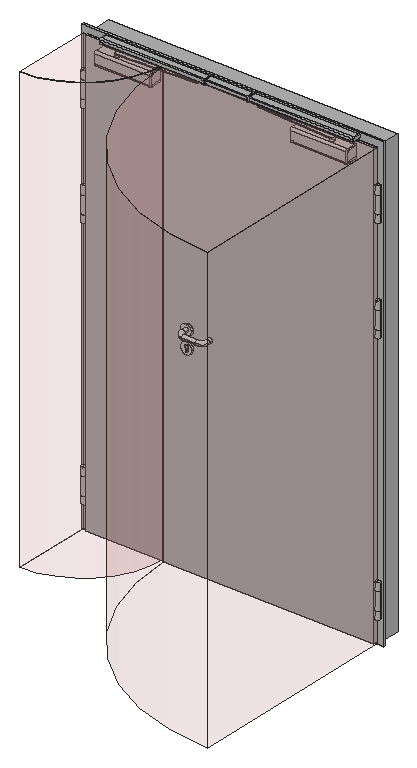
Revit family "ASSA ABLOY - ALPE Sp 120-2, double-leaf, angular frame", category Doors, host Wall, Revit 2021
Family settings
  Host = Wall
  OmniClass Number = 23.30.10.00
  OmniClass Title = Doors
  Always vertical = Yes
  Cut with Voids When Loaded = No
  Shared = No
  Room Calculation Point = No
Parameters (values of type "1250 x 2100 (1255 x 2101)")
  URL = "https://www.assaabloy.com/pl/pl"
  Type Comments = "Door leaf made of two pressed galvanised steel sheets 1,25mm thick. Filled with mineral wool glued to the sheets with polyurethane adhesive. Door with 3-sided thick rebate. "
  Rough Width Real = Width Round + Rough Width Conversion + Rough Width Adjustment  # 1398.000 mm
  Rough Height Real = Height Round + Rough Height Conversion + Rough Height Adjustment  # 2159.000 mm
  Rough Width Conversion = 148.000 mm  # constant formula
  Rough Width Adjustment = 0.000 mm  # constant formula
  Rough Height Conversion = 59.000 mm  # constant formula
  Rough Height Adjustment = 0.000 mm  # constant formula
  Passive Symbol Radius [instance] = Passive Leaf Width + 13.500 mm  # 387.500 mm
  Passive Leaf Width [instance] = Rough Width Real - Middle Post - 4.000 mm  # 374.000 mm
  Opening Zone [instance] = yes
  Model = "Doorset_Steel fireproof door EI120_ASSA ABLOY Opening Solutions_Hardware 3D"
  Middle Post [instance] = Active Leaf Clear Passage Width + 120.000 mm  # 1020.000 mm
  Hinges Visibility = Height > 1200.000 mm  # yes
  Hinges Material = Default steel
  Handle Height = if(Height < 1300.000 mm, Height - 280.000 mm, 1055.000 mm)  # 1055.000 mm
  HW Item 9 = "1x 206253: Vercy door stopper, max 120 kg_ASSA ABLOY (option) "
  HW Item 8 = "1x Rosette set PZPZ_Standard ASSA ABLOY"
  HW Item 10 = "1x Planet FT: drop-down seal_Planet (option)"
  Guide Rail Length = Rough Width - 1184.000 mm  # 216.000 mm
  Frame Finish [instance] = ""
  Fire Rating = "EI120"  # constant formula
  Width Round = roundup((Width / 5.000 mm)) * 5.000 mm  # 1250.000 mm
  Thickness = 76.000 mm  # constant formula
  Smoke Rating = "Sa, S200 (optional)"
  Rough Width = Width Round + 2.000 mm + Rough Width Conversion + Rough Width Adjustment  # 1400.000 mm
  Rough Height = Height Round + 1.000 mm + Rough Height Conversion + Rough Height Adjustment  # 2160.000 mm
  Readme = "The actual lintel height is consistent with the Rough Height parameter.\nThe final HW Set should be consistent with the function of the door and its  parameters.\nHardware mounted on door surface may affect the clear passage opening. For verification, please contact the specification department.\nFor the corner door frame installed in a steel structure and plasterboard walls, add 3 cm per each leaf to the width of the Rough Width opening.\r\nIn double leaf doors in case of distance less than 1350mm and more than 2500mm between hinges, door closer type and coordinator should be confirmed with the Provider."
  Provider = "ASSA ABLOY Opening Solutions"
  Product Group = "Double-Steel"
  Name = "Steel fireproof door EI120"
  Min Door Width = 1170.000 mm
  Min Door Height = 600.000 mm
  Mechanical Strength = 4
  Max Door Width = 2370.000 mm
  Max Door Height = 2500.000 mm
  Manufacturer = "ASSA ABLOY"  # constant formula
  IfcExportType = "USERDEFINED"
  IfcExportAs = "IfcDoorType"
  Height Round = roundup((Height / 5.000 mm)) * 5.000 mm  # 2100.000 mm
  Hardware Set = "1.12PL"
  HW Item 7 = "1x Handle set_Standard ASSA ABLOY"
  HW Item 6 = "1x Euro profile cylinder_Standard ASSA ABLOY"
  HW Item 5 = "1x N4572: central semi-automatic flush bolt _Corni (passive leaf )"
  HW Item 4 = "1x N1050: One System mechanical mortice lockcase for fire doors_ASSA ABLOY"
  HW Item 3 = "2x A153: mechanical opening damper_ASSA ABLOY (option)"
  HW Item 2 = "1x G461: guide rail with integrated coordinator_ASSA ABLOY"
  HW Item 1 = "2x DC700/ DC500: door closer, Cam-Motion®_ASSA ABLOY"
  Function = Interior
  Height = 2100.000 mm
  Wall Closure = By host
  Width = 1250.000 mm
  Frame Type = "Welded steel corner frame, made of galvanised sheet 1,8mm thick."
  Frame Material = Default steel
  Family name = "1.12_DOORSET_ALPE Sp 120-2_DOUBLE-LEAF_CORNER FRAME_ASSA ABLOY PL"
  Environmental Product Declaration (EPD) = "To be confirmed with Provider"  # constant formula
  Environmental Management System = "To be confirmed with Provider"  # constant formula
  Edition number = "1"
  Door Closer and Coordinator Visibility [instance] = and(Passive Leaf Width > 377.000 mm - 16.500 mm, and(Rough Width + 23.000 mm > 1349.000 mm, Rough Width + 23.000 mm < 3201.000 mm))  # yes
  Door Type = "ALPE Sp 120-2"
  Door Material = Default steel
  Door Finish Push Side [instance] = ""
  Door Finish Pull Side [instance] = ""
  Description = "ALPE Sp 120-2, door leaf made of two pressed galvanised steel sheets 1,25mm thick. Filled with mineral wool glued to the sheets with polyurethane adhesive. Door with 3-sided thick rebate. Stainless steel hinges with 3D regulation. Mechanical durability – class C5 according to PN-EN 16034:2014. Mechanical strength – class 4 according to PN-EN 1192:2001. Welded steel corner frame, made of galvanised sheet 1,8mm thick."
  Date of publishing = ""
  Contact Provider = "https://www.assaabloy.com/pl/pl/solutions/topics/bim-specification/contact"
  Brand = "ASSA ABLOY Mercor Doors Sp. z o. o."  # constant formula
  Author = "www.archispace.pl"
  Active Symbol Radius [instance] = Active Leaf Width + 13.500 mm  # 1029.500 mm
  Active Leaf Width [instance] = Middle Post - 4.000 mm  # 1016.000 mm
  Active Leaf Clear Passage Width = 900.000 mm
Reference planes
  plane 1: y = 0
  plane 2 "Center (Left/Right)": x = 0
  plane 3: z = 2159
  plane 4 "Exterior": y = 120
  plane 5 "Interior": y = -120
  plane 6: x = -699
  plane 7: x = 699
  plane 8: z = 2100
  plane 9: y = -129
  plane 10: x = -321
  plane 11: y = -68
  plane 12: y = -57
  plane 13: y = -2
  plane 14: y = -5.5
  plane 15: z = 2142
  plane 16: x = 682
  plane 17: x = -682
  plane 18: x = 640
  plane 19: x = -640
  plane 20: x = -340
  plane 21: x = -302
  plane 22: y = -138.75
  plane 23: x = -711.5
  plane 24: x = 711.5
  plane 25: z = 8
  plane 26: x = -700
  plane 27: x = 700
  plane 28: z = 2160
  plane 29: z = 2158
  plane 30: z = 120
  plane 31: z = 157
  plane 32: z = 157.8
  plane 33: z = 242.2
  plane 34: z = 243
  plane 35: z = 280
  plane 36: z = 1340
  plane 37: z = 1377
  plane 38: z = 1377.8
  plane 39: z = 1462.2
  plane 40: z = 1463
  plane 41: z = 1500
  plane 42: z = 1840
  plane 43: z = 1877
  plane 44: z = 1877.8
  plane 45: z = 1962.2
  plane 46: z = 1963
  plane 47: z = 2000
  plane 48: x = -205
  plane 49: x = -108
  plane 50: x = 108
  plane 51: z = 1055
Forms (mm)
  Sweep 1, solid, material "Default steel" <- "Frame Material"
    path origin (0, -120, 0) x (1, 0, 0) y (0, 0, 1)
      loop
        line (-699, 0) -> (-699, 2159) -> (699, 2159) -> (699, 0)
    profile origin (-699, -120, 1079.5) x (-1, 0, 0) y (0, -1, 0)
      loop
        line (30, 0) -> (30, 9) -> (-12, 9) -> (-12, -63) -> (-27, -63) -> (-27, -52) -> (-59, -52) -> (-59, -118) -> (-14, -118) -> (-14, -114.5) -> (0, -114.5) -> (0, 0) -> (30, 0)
  Sweep 2, solid, material "Default steel" <- "Door Material"
    path origin (-5000, -120, 0) x (1, 0, 0) y (0, 0, 1)
      loop
        line (4318, 8) -> (4318, 2142) -> (4660, 2142) -> (4660, 8)
    profile origin (-511, -120, 2142) x (0, 0, 1) y (0, -1, 0)
      loop
        line (0, 26) -> (0, 11) -> (16, 11) -> (16, 26) -> (0, 26)
  Sweep 3, solid, material "Default steel" <- "Door Material"
    path origin (0, -120, 0) x (1, 0, 0) y (0, 0, 1)
      loop
        line (0, 8) -> (0, 2142)
    profile origin (0, -120, 1075) x (-1, 0, 0) y (0, -1, 0)
      loop
        line (682, -50) -> (682, 26) -> (340, 26) -> (340, -50) -> (682, -50)
  Sweep 4, solid, material "Opening zone", visible <- "Opening Zone"
    path origin (-5600, 0, 0) x (-1, 0, 0) y (0, 0, 1)
      loop
        line (-5600, 8) -> (-5600, 2158)
    profile origin (0, 0, 1083) x (1, 0, 0) y (0, 1, 0)
      loop
        line (-711.5, -138.75) -> (-711.5, -526.25)
        arc (-711.5, -526.25) -> (-437.496, -412.754) -> (-324, -138.75) r 387.5
        line (-324, -138.75) -> (-711.5, -138.75)
  Sweep 5, solid, material "Default steel" <- "Frame Material"
    path origin (0, -120, 0) x (1, 0, 0) y (0, 0, 1)
      loop
        line (-321, 8) -> (-321, 2100)
    profile origin (-321, -120, 1054) x (-1, 0, 0) y (0, -1, 0)
      loop
        line (19, 10) -> (6, 10) -> (-2, 7) -> (-12, 7) -> (-12, -53.75) -> (-23, -53.75) -> (-38.5, -51.5) -> (-41.5, -51.5) -> (-41.5, -63) -> (-56.5, -63) -> (-56.5, -52.5) -> (-61, -52.5) -> (-61, -82.5) -> (87, -82.5) -> (87, -50) -> (19, -50) -> (19, 10)
  Sweep 6, solid, material "Default steel" <- "Door Material"
    path origin (-4260, -120, 0) x (1, 0, 0) y (0, 0, 1)
      loop
        line (3958, 8) -> (3958, 2142) -> (4942, 2142) -> (4942, 8)
    profile origin (190, -120, 2142) x (0, 0, 1) y (0, -1, 0)
      loop
        line (0, 26) -> (0, 11) -> (16, 11) -> (16, 26) -> (0, 26)
  Sweep 7, solid, material "Default steel" <- "Door Material"
    path origin (740, -120, 0) x (1, 0, 0) y (0, 0, 1)
      loop
        line (-1061, 8) -> (-1061, 2142)
    profile origin (-321, -120, 1075) x (-1, 0, 0) y (0, -1, 0)
      loop
        line (-1003, -50) -> (-19, -50) -> (-19, 26) -> (-1003, 26) -> (-1003, -50)
  Sweep 8, solid, material "Opening zone", visible <- "Opening Zone"
    path origin (5600, 0, 0) x (1, 0, 0) y (0, 0, -1)
      loop
        line (-5600, -8) -> (-5600, -2158)
    profile origin (0, 0, 1083) x (1, 0, 0) y (0, 1, 0)
      loop
        line (711.5, -138.75) -> (-318, -138.75)
        arc (-318, -138.75) -> (-16.466, -866.716) -> (711.5, -1168.25) r 1029.5
        line (711.5, -1168.25) -> (711.5, -138.75)
  Sweep 9, solid, material "Default steel" <- "Hinges Material", detail levels fine
    path origin (-1272.5, -138.75, 1200) x (-1, 0, 0) y (0, 0, 1)
      loop
        line (-1984, -1043) -> (-1984, -1080)
    profile origin (711.5, -138.75, 138.5) x (0, 1, 0) y (-1, 0, 0)
      loop
        circle (0, 0) r 11
  Sweep 10, solid, material "Default steel" <- "Hinges Material", detail levels fine
    path origin (-1272.5, -138.75, 1200) x (-1, 0, 0) y (0, 0, 1)
      loop
        line (-1984, -920) -> (-1984, -957)
    profile origin (711.5, -138.75, 261.5) x (0, 1, 0) y (-1, 0, 0)
      loop
        circle (0, 0) r 11
  Sweep 11, solid, material "Default steel" <- "Hinges Material", detail levels fine
    path origin (-1272.5, -138.75, 1200) x (-1, 0, 0) y (0, 0, 1)
      loop
        line (-1984, -957.8) -> (-1984, -1042.2)
    profile origin (711.5, -138.75, 200) x (0, 1, 0) y (-1, 0, 0)
      loop
        circle (0, 0) r 11
  Sweep 12, solid, material "Default steel" <- "Hinges Material", detail levels fine
    path origin (-1272.5, -138.75, 1200) x (-1, 0, 0) y (0, 0, 1)
      loop
        line (-1984, -1042.2) -> (-1984, -1043)
    profile origin (711.5, -138.75, 157.4) x (0, 1, 0) y (-1, 0, 0)
      loop
        circle (0, 0) r 10.5
  Sweep 13, solid, material "Default steel" <- "Hinges Material", detail levels fine
    path origin (-1272.5, -138.75, 1200) x (-1, 0, 0) y (0, 0, 1)
      loop
        line (-1984, -957) -> (-1984, -957.8)
    profile origin (711.5, -138.75, 242.6) x (0, 1, 0) y (-1, 0, 0)
      loop
        circle (0, 0) r 10.5
  Sweep 14, solid, material "Default steel" <- "Hinges Material", visible <- "Hinges Visibility", detail levels fine
    path origin (-1272.5, -138.75, 1200) x (-1, 0, 0) y (0, 0, 1)
      loop
        line (-1984, 177) -> (-1984, 140)
    profile origin (711.5, -138.75, 1358.5) x (0, 1, 0) y (-1, 0, 0)
      loop
        circle (0, 0) r 11
  Sweep 15, solid, material "Default steel" <- "Hinges Material", visible <- "Hinges Visibility", detail levels fine
    path origin (-1272.5, -138.75, 1200) x (-1, 0, 0) y (0, 0, 1)
      loop
        line (-1984, 300) -> (-1984, 263)
    profile origin (711.5, -138.75, 1481.5) x (0, 1, 0) y (-1, 0, 0)
      loop
        circle (0, 0) r 11
  Sweep 16, solid, material "Default steel" <- "Hinges Material", visible <- "Hinges Visibility", detail levels fine
    path origin (-1272.5, -138.75, 1200) x (-1, 0, 0) y (0, 0, 1)
      loop
        line (-1984, 262.2) -> (-1984, 177.8)
    profile origin (711.5, -138.75, 1420) x (0, 1, 0) y (-1, 0, 0)
      loop
        circle (0, 0) r 11
  Sweep 17, solid, material "Default steel" <- "Hinges Material", visible <- "Hinges Visibility", detail levels fine
    path origin (-1272.5, -138.75, 1200) x (-1, 0, 0) y (0, 0, 1)
      loop
        line (-1984, 177.8) -> (-1984, 177)
    profile origin (711.5, -138.75, 1377.4) x (0, 1, 0) y (-1, 0, 0)
      loop
        circle (0, 0) r 10.5
  Sweep 18, solid, material "Default steel" <- "Hinges Material", visible <- "Hinges Visibility", detail levels fine
    path origin (-1272.5, -138.75, 1200) x (-1, 0, 0) y (0, 0, 1)
      loop
        line (-1984, 263) -> (-1984, 262.2)
    profile origin (711.5, -138.75, 1462.6) x (0, 1, 0) y (-1, 0, 0)
      loop
        circle (0, 0) r 10.5
  Sweep 19, solid, material "Default steel" <- "Hinges Material", detail levels fine
    path origin (-1272.5, -138.75, 1200) x (-1, 0, 0) y (0, 0, 1)
      loop
        line (-1984, 677) -> (-1984, 640)
    profile origin (711.5, -138.75, 1858.5) x (0, 1, 0) y (-1, 0, 0)
      loop
        circle (0, 0) r 11
  Sweep 20, solid, material "Default steel" <- "Hinges Material", detail levels fine
    path origin (-1272.5, -138.75, 1200) x (-1, 0, 0) y (0, 0, 1)
      loop
        line (-1984, 800) -> (-1984, 763)
    profile origin (711.5, -138.75, 1981.5) x (0, 1, 0) y (-1, 0, 0)
      loop
        circle (0, 0) r 11
  Sweep 21, solid, material "Default steel" <- "Hinges Material", detail levels fine
    path origin (-1272.5, -138.75, 1200) x (-1, 0, 0) y (0, 0, 1)
      loop
        line (-1984, 762.2) -> (-1984, 677.8)
    profile origin (711.5, -138.75, 1920) x (0, 1, 0) y (-1, 0, 0)
      loop
        circle (0, 0) r 11
  Sweep 22, solid, material "Default steel" <- "Hinges Material", detail levels fine
    path origin (-1272.5, -138.75, 1200) x (-1, 0, 0) y (0, 0, 1)
      loop
        line (-1984, 677.8) -> (-1984, 677)
    profile origin (711.5, -138.75, 1877.4) x (0, 1, 0) y (-1, 0, 0)
      loop
        circle (0, 0) r 10.5
  Sweep 23, solid, material "Default steel" <- "Hinges Material", detail levels fine
    path origin (-1272.5, -138.75, 1200) x (-1, 0, 0) y (0, 0, 1)
      loop
        line (-1984, 763) -> (-1984, 762.2)
    profile origin (711.5, -138.75, 1962.6) x (0, 1, 0) y (-1, 0, 0)
      loop
        circle (0, 0) r 10.5
  Sweep 24, solid, material "Default steel" <- "Hinges Material", detail levels fine
    path origin (-1272.5, -138.75, 1200) x (-1, 0, 0) y (0, 0, 1)
      loop
        line (-561, -1043) -> (-561, -1080)
    profile origin (-711.5, -138.75, 138.5) x (0, 1, 0) y (-1, 0, 0)
      loop
        circle (0, 0) r 11
  Sweep 25, solid, material "Default steel" <- "Hinges Material", detail levels fine
    path origin (-1272.5, -138.75, 1200) x (-1, 0, 0) y (0, 0, 1)
      loop
        line (-561, -920) -> (-561, -957)
    profile origin (-711.5, -138.75, 261.5) x (0, 1, 0) y (-1, 0, 0)
      loop
        circle (0, 0) r 11
  Sweep 26, solid, material "Default steel" <- "Hinges Material", detail levels fine
    path origin (-1272.5, -138.75, 1200) x (-1, 0, 0) y (0, 0, 1)
      loop
        line (-561, -957.8) -> (-561, -1042.2)
    profile origin (-711.5, -138.75, 200) x (0, 1, 0) y (-1, 0, 0)
      loop
        circle (0, 0) r 11
  Sweep 27, solid, material "Default steel" <- "Hinges Material", detail levels fine
    path origin (-1272.5, -138.75, 1200) x (-1, 0, 0) y (0, 0, 1)
      loop
        line (-561, -1042.2) -> (-561, -1043)
    profile origin (-711.5, -138.75, 157.4) x (0, 1, 0) y (-1, 0, 0)
      loop
        circle (0, 0) r 10.5
  Sweep 28, solid, material "Default steel" <- "Hinges Material", detail levels fine
    path origin (-1272.5, -138.75, 1200) x (-1, 0, 0) y (0, 0, 1)
      loop
        line (-561, -957) -> (-561, -957.8)
    profile origin (-711.5, -138.75, 242.6) x (0, 1, 0) y (-1, 0, 0)
      loop
        circle (0, 0) r 10.5
  Sweep 29, solid, material "Default steel" <- "Hinges Material", visible <- "Hinges Visibility", detail levels fine
    path origin (-1272.5, -138.75, 1200) x (-1, 0, 0) y (0, 0, 1)
      loop
        line (-561, 177) -> (-561, 140)
    profile origin (-711.5, -138.75, 1358.5) x (0, 1, 0) y (-1, 0, 0)
      loop
        circle (0, 0) r 11
  Sweep 30, solid, material "Default steel" <- "Hinges Material", visible <- "Hinges Visibility", detail levels fine
    path origin (-1272.5, -138.75, 1200) x (-1, 0, 0) y (0, 0, 1)
      loop
        line (-561, 300) -> (-561, 263)
    profile origin (-711.5, -138.75, 1481.5) x (0, 1, 0) y (-1, 0, 0)
      loop
        circle (0, 0) r 11
  Sweep 31, solid, material "Default steel" <- "Hinges Material", visible <- "Hinges Visibility", detail levels fine
    path origin (-1272.5, -138.75, 1200) x (-1, 0, 0) y (0, 0, 1)
      loop
        line (-561, 262.2) -> (-561, 177.8)
    profile origin (-711.5, -138.75, 1420) x (0, 1, 0) y (-1, 0, 0)
      loop
        circle (0, 0) r 11
  Sweep 32, solid, material "Default steel" <- "Hinges Material", visible <- "Hinges Visibility", detail levels fine
    path origin (-1272.5, -138.75, 1200) x (-1, 0, 0) y (0, 0, 1)
      loop
        line (-561, 177.8) -> (-561, 177)
    profile origin (-711.5, -138.75, 1377.4) x (0, 1, 0) y (-1, 0, 0)
      loop
        circle (0, 0) r 10.5
  Sweep 33, solid, material "Default steel" <- "Hinges Material", visible <- "Hinges Visibility", detail levels fine
    path origin (-1272.5, -138.75, 1200) x (-1, 0, 0) y (0, 0, 1)
      loop
        line (-561, 263) -> (-561, 262.2)
    profile origin (-711.5, -138.75, 1462.6) x (0, 1, 0) y (-1, 0, 0)
      loop
        circle (0, 0) r 10.5
  Sweep 34, solid, material "Default steel" <- "Hinges Material", detail levels fine
    path origin (-1272.5, -138.75, 1200) x (-1, 0, 0) y (0, 0, 1)
      loop
        line (-561, 677) -> (-561, 640)
    profile origin (-711.5, -138.75, 1858.5) x (0, 1, 0) y (-1, 0, 0)
      loop
        circle (0, 0) r 11
  Sweep 35, solid, material "Default steel" <- "Hinges Material", detail levels fine
    path origin (-1272.5, -138.75, 1200) x (-1, 0, 0) y (0, 0, 1)
      loop
        line (-561, 800) -> (-561, 763)
    profile origin (-711.5, -138.75, 1981.5) x (0, 1, 0) y (-1, 0, 0)
      loop
        circle (0, 0) r 11
  Sweep 36, solid, material "Default steel" <- "Hinges Material", detail levels fine
    path origin (-1272.5, -138.75, 1200) x (-1, 0, 0) y (0, 0, 1)
      loop
        line (-561, 762.2) -> (-561, 677.8)
    profile origin (-711.5, -138.75, 1920) x (0, 1, 0) y (-1, 0, 0)
      loop
        circle (0, 0) r 11
  Sweep 37, solid, material "Default steel" <- "Hinges Material", detail levels fine
    path origin (-1272.5, -138.75, 1200) x (-1, 0, 0) y (0, 0, 1)
      loop
        line (-561, 677.8) -> (-561, 677)
    profile origin (-711.5, -138.75, 1877.4) x (0, 1, 0) y (-1, 0, 0)
      loop
        circle (0, 0) r 10.5
  Sweep 38, solid, material "Default steel" <- "Hinges Material", detail levels fine
    path origin (-1272.5, -138.75, 1200) x (-1, 0, 0) y (0, 0, 1)
      loop
        line (-561, 763) -> (-561, 762.2)
    profile origin (-711.5, -138.75, 1962.6) x (0, 1, 0) y (-1, 0, 0)
      loop
        circle (0, 0) r 10.5
Cuts and joins
  joined: Sweep 2, Sweep 3
  joined: Sweep 1, Sweep 5
  joined: Sweep 6, Sweep 7
Lines and regions (mm)
  Masking region 1, detail levels fine
    outline origin (-1132.682, -300, 2037) x (-1, 0, 0) y (0, -1, 0)
      loop
        line (-492.682, -232) -> (-492.682, -298) -> (-447.682, -298) -> (-447.682, -294.5) -> (-433.682, -294.5) -> (-433.682, -180) -> (-403.682, -180) -> (-403.682, -171) -> (-445.682, -171) -> (-445.682, -243) -> (-460.682, -243) -> (-460.682, -232) -> (-492.682, -232)
      loop
        line (-1772.682, -232) -> (-1804.682, -232) -> (-1804.682, -243) -> (-1819.682, -243) -> (-1819.682, -171) -> (-1861.682, -171) -> (-1861.682, -180) -> (-1831.682, -180) -> (-1831.682, -294.5) -> (-1817.682, -294.5) -> (-1817.682, -298) -> (-1772.682, -298) -> (-1772.682, -232)
  Masking region 2, detail levels medium
    outline origin (-1132.682, -300, 2037) x (-1, 0, 0) y (0, -1, 0)
      loop
        line (-492.682, -171) -> (-492.682, -298) -> (-433.682, -298) -> (-433.682, -180) -> (-403.682, -180) -> (-403.682, -171) -> (-492.682, -171)
      loop
        line (-1772.682, -171) -> (-1861.682, -171) -> (-1861.682, -180) -> (-1831.682, -180) -> (-1831.682, -298) -> (-1772.682, -298) -> (-1772.682, -171)
  Masking region 3, detail levels fine
    outline origin (-1132.682, -300, 2037) x (-1, 0, 0) y (0, -1, 0)
      loop
        circle (-421.182, -161.25) r 11
      loop
        circle (-1844.182, -161.25) r 11
  Opening 1
    outline origin (-5000, -120, 0) x (1, 0, 0) y (0, 0, 1)
      loop
        line (4300, 2160) -> (4300, 0) -> (5700, 0) -> (5700, 2160) -> (4300, 2160)
  symbolic lines, style "Elevation Swing"
    curve 1: line (-324, -120, 1079.5) -> (-640, -120, 2100)
    curve 2: line (-324, -120, 1079.5) -> (-640, -120, 8)
    curve 3: line (-318, -120, 1079.5) -> (640, -120, 2100)
    curve 4: line (-318, -120, 1079.5) -> (640, -120, 8)
Text (mm)
  text "Exterior" at (-1376.75, 1099.543, 0), in view "Ref. Level"
  text "Exterior" at (0, 1615.38, 3698.081), in view "Left"
  text "Exterior" at (0, 1036.032, 3874.932), in view "Right"
Dimensions and locks
  "Rough Height Real": plane 3 to host wall
  equal spacing: host wall, curve 2, plane 3
  host wall to plane 3 = 2159.000 mm
  locked: plane 4 "Exterior" to host wall
  locked: plane 5 "Interior" to host wall
  equal spacing: plane 6, plane 2 "Center (Left/Right)", plane 7
  "Rough Width Real": plane 6 to plane 7
  "Height": plane 8 to level
  locked: Masking region 1 sketch curve to plane 6 at 30
  locked: plane 6 to Masking region 1 sketch curve at 12
  locked: plane 6 to Masking region 1 sketch curve at 59
  locked: plane 9 to plane 5 "Interior" at 9
  locked: plane 5 "Interior" to plane 11 at 52
  locked: plane 11 to plane 12 at 11
  locked: plane 12 to plane 14 at 51.5
  locked: plane 13 to plane 14 at 3.5
  locked: plane 6 to Masking region 1 sketch curve at 14
  locked: plane 6 to Masking region 1 sketch curve at 27
  locked: Masking region 2 sketch curve to plane 6 at 30
  locked: plane 6 to Masking region 2 sketch curve at 59
  locked: plane 7 to Masking region 2 sketch curve at 30
  locked: Masking region 2 sketch curve to plane 7 at 59
  locked: plane 7 to Masking region 1 sketch curve at 30
  locked: Masking region 1 sketch curve to plane 7 at 12
  locked: Masking region 1 sketch curve to plane 7 at 27
  locked: Masking region 1 sketch curve to plane 7 at 59
  locked: Masking region 1 sketch curve to plane 7 at 14
  locked: plane 6 to plane 17 at 17
  locked: plane 16 to plane 7 at 17
  locked: plane 3 to plane 15 at 17
  locked: plane 18 to plane 7 at 59
  locked: plane 6 to plane 19 at 59
  locked: plane 20 to plane 10 at 19
  locked: plane 10 to plane 21 at 19
  "Middle Post": plane 10 to plane 7
  locked: Masking region 3 sketch curve to plane 6 at 12.5
  locked: Masking region 3 sketch curve to plane 5 "Interior" at 18.75  (x2)
  locked: plane 7 to Masking region 3 sketch curve at 12.5
  locked: plane 22 to plane 5 "Interior" at 18.75
  locked: plane 7 to plane 24 at 12.5
  locked: plane 23 to plane 6 at 12.5
  equal spacing: plane 3, curve 4, level
  locked: plane 25 to level at 8
  equal spacing: plane 26, plane 2 "Center (Left/Right)", plane 27
  "Rough Width": plane 26 to plane 27
  "Rough Height": plane 28 to level
  locked: plane 3 to plane 29 at 1
  locked: plane 23 to nested 4 at 371.5
  locked: nested 5 to plane 24 at 371.5
  locked: plane 21 to plane 48 at 97
  plane 28 to plane 47 to plane 46 to plane 45 to plane 44 to plane 43 to plane 42 to plane 41 to plane 40 to plane 39 to plane 38 to plane 37 to plane 36 = 160.000 mm locked, 37.000 mm locked, 0.800 mm locked, 84.400 mm locked, 0.800 mm locked, 37.000 mm locked, 340.000 mm locked, 37.000 mm locked, 0.800 mm locked, 84.400 mm locked, 0.800 mm locked, 37.000 mm locked
  locked: plane 22 to nested 2 at 7.25
  locked: nested 4 to cut or joined group of Sweep 1, Sweep 5 at 12
  locked: nested 5 to cut or joined group of Sweep 1, Sweep 5 at 12
  locked: plane 26 to plane 49 at 592
  locked: nested 6 to plane 28 at 22
  "Handle Height": plane 51 to level
  locked: plane 51 to nested 3 at 80
  locked: nested 5 to plane 29 at 24
  locked: nested 4 to plane 15 at 40
  locked: plane 50 to plane 27 at 592
  cut or joined group of Sweep 2, Sweep 3 to cut or joined group of Sweep 2, Sweep 3 = 374.000 mm
  "Passive Symbol Radius": radius of Sweep 4 sketch curve
  "Active Symbol Radius": radius of Sweep 8 sketch curve
  aligned and locked: plane 1 to host wall
  aligned and locked: level to Sweep 1 sketch curve  (x2)
  aligned and locked: Sweep 1 sketch curve to plane 6
  aligned and locked: plane 7 to Sweep 1 sketch curve
  aligned and locked: plane 2 "Center (Left/Right)" to Sweep 3 sketch curve
  aligned and locked: nested 1 to plane 2 "Center (Left/Right)"
  aligned and locked: plane 5 "Interior" to Masking region 1 sketch curve
  aligned and locked: Masking region 1 sketch curve to plane 6
  aligned and locked: plane 9 to Masking region 1 sketch curve
  aligned and locked: Masking region 1 sketch curve to plane 11
  aligned and locked: Masking region 1 sketch curve to plane 12
  aligned and locked: plane 14 to Masking region 1 sketch curve
  aligned and locked: Masking region 1 sketch curve to plane 13
  aligned and locked: plane 9 to Masking region 2 sketch curve
  aligned and locked: Masking region 2 sketch curve to plane 13
  aligned and locked: Masking region 2 sketch curve to plane 9
  aligned and locked: plane 13 to Masking region 2 sketch curve
  aligned and locked: Masking region 2 sketch curve to plane 7
  aligned and locked: Masking region 1 sketch curve to plane 9
  aligned and locked: Masking region 1 sketch curve to plane 5 "Interior"
  aligned and locked: plane 11 to Masking region 1 sketch curve
  aligned and locked: plane 12 to Masking region 1 sketch curve
  aligned and locked: plane 13 to Masking region 1 sketch curve
  aligned and locked: Masking region 1 sketch curve to plane 14
  aligned and locked: plane 3 to Sweep 1 sketch curve
  aligned and locked: Sweep 2 sketch curve to plane 17
  aligned and locked: Sweep 2 sketch curve to plane 15
  aligned and locked: plane 15 to Sweep 3 sketch curve
  aligned and locked: Sweep 3 sketch curve to plane 17
  aligned and locked: Sweep 5 sketch curve to plane 10
  aligned and locked: plane 20 to Sweep 3 sketch curve
  aligned and locked: plane 20 to Sweep 2 sketch curve
  aligned and locked: Sweep 7 sketch curve to plane 10
  aligned and locked: plane 15 to Sweep 7 sketch curve
  aligned and locked: Sweep 7 sketch curve to plane 21
  aligned and locked: plane 16 to Sweep 7 sketch curve
  aligned and locked: Sweep 6 sketch curve to plane 15
  aligned and locked: Sweep 6 sketch curve to plane 16
  aligned and locked: plane 21 to Sweep 6 sketch curve
  aligned and locked: plane 5 "Interior" to nested 1
  aligned and locked: Sweep 4 sketch curve to plane 22
  aligned and locked: plane 23 to Sweep 4 sketch curve
  aligned and locked: plane 2 "Center (Left/Right)" to Sweep 8 sketch curve
  aligned and locked: plane 22 to Sweep 8 sketch curve
  aligned and locked: Sweep 8 sketch curve to plane 24
  aligned and locked: plane 25 to Sweep 5 sketch curve
  aligned and locked: level to Opening 1 sketch curve
  aligned and locked: Opening 1 sketch curve to plane 26
  aligned and locked: Opening 1 sketch curve to plane 27
  aligned and locked: plane 8 to Sweep 5 sketch curve
  aligned and locked: Opening 1 sketch curve to plane 28
  aligned and locked: plane 25 to Sweep 2 sketch curve  (x2)
  aligned and locked: plane 25 to Sweep 3 sketch curve
  aligned and locked: plane 25 to Sweep 6 sketch curve  (x2)
  aligned and locked: plane 25 to Sweep 7 sketch curve
  aligned and locked: plane 29 to Sweep 8 sketch curve
  aligned and locked: plane 25 to Sweep 8 sketch curve
  aligned and locked: plane 29 to Sweep 4 sketch curve
  aligned and locked: plane 25 to Sweep 4 sketch curve
  aligned and locked: plane 2 "Center (Left/Right)" to Sweep 4 sketch curve
  aligned and locked: plane 8 to curve 1
  aligned and locked: plane 19 to curve 1
  aligned and locked: plane 18 to curve 3
  aligned and locked: plane 8 to curve 3
  aligned and locked: plane 19 to curve 2
  aligned and locked: plane 25 to curve 2
  aligned and locked: plane 18 to curve 4
  aligned and locked: plane 25 to curve 4
  aligned and locked: plane 30 to Sweep 9 sketch curve
  aligned and locked: plane 31 to Sweep 9 sketch curve
  aligned and locked: plane 32 to Sweep 12 sketch curve
  aligned and locked: plane 31 to Sweep 12 sketch curve
  aligned and locked: plane 32 to Sweep 11 sketch curve
  aligned and locked: plane 33 to Sweep 11 sketch curve
  aligned and locked: plane 33 to Sweep 13 sketch curve
  aligned and locked: plane 34 to Sweep 13 sketch curve
  aligned and locked: plane 34 to Sweep 10 sketch curve
  aligned and locked: plane 35 to Sweep 10 sketch curve
  aligned and locked: plane 36 to Sweep 14 sketch curve
  aligned and locked: plane 37 to Sweep 14 sketch curve
  aligned and locked: plane 38 to Sweep 17 sketch curve
  aligned and locked: plane 37 to Sweep 17 sketch curve
  aligned and locked: plane 38 to Sweep 16 sketch curve
  aligned and locked: plane 39 to Sweep 16 sketch curve
  aligned and locked: plane 39 to Sweep 18 sketch curve
  aligned and locked: plane 40 to Sweep 18 sketch curve
  aligned and locked: plane 40 to Sweep 15 sketch curve
  aligned and locked: plane 41 to Sweep 15 sketch curve
  aligned and locked: plane 42 to Sweep 19 sketch curve
  aligned and locked: plane 43 to Sweep 19 sketch curve
  aligned and locked: plane 44 to Sweep 22 sketch curve
  aligned and locked: plane 43 to Sweep 22 sketch curve
  aligned and locked: plane 44 to Sweep 21 sketch curve
  aligned and locked: plane 45 to Sweep 21 sketch curve
  aligned and locked: plane 45 to Sweep 23 sketch curve
  aligned and locked: plane 46 to Sweep 23 sketch curve
  aligned and locked: plane 46 to Sweep 20 sketch curve
  aligned and locked: plane 47 to Sweep 20 sketch curve
  aligned and locked: plane 48 to nested 2
  aligned and locked: plane 48 to nested 3
  aligned and locked: nested 3 to cut or joined group of Sweep 6, Sweep 7  (x2)
  aligned and locked: nested 2 to cut or joined group of Sweep 6, Sweep 7  (x2)
  aligned and locked: nested 5 to cut or joined group of Sweep 6, Sweep 7
  aligned and locked: nested 4 to cut or joined group of Sweep 6, Sweep 7
  aligned and locked: nested 4 to cut or joined group of Sweep 2, Sweep 3  (x2)
  aligned and locked: nested 2 to plane 51
  aligned and locked: plane 9 to nested 6
  aligned and locked: nested 5 to cut or joined group of Sweep 2, Sweep 3
  aligned and locked: cut or joined group of Sweep 6, Sweep 7 to nested 5
  aligned and locked: cut or joined group of Sweep 6, Sweep 7 to nested 3
  aligned and locked: plane 49 to nested 6
Automatic sketch dimensions
  Sweep 2 sketch curve to profile plane = 0.000 mm
  Sweep 2 sketch curve to profile plane = 16.000 mm
  profile plane to Sweep 2 sketch curve = 11.000 mm
  Sweep 2 sketch curve to Sweep 2 sketch curve = 15.000 mm
  Masking region 2 sketch curve to plane 6 = 0.000 mm
  host wall to Masking region 2 sketch curve = 0.000 mm  (x2)
  Sweep 6 sketch curve to profile plane = 0.000 mm
  Sweep 6 sketch curve to profile plane = 16.000 mm
  profile plane to Sweep 6 sketch curve = 11.000 mm
  Sweep 6 sketch curve to Sweep 6 sketch curve = 15.000 mm
  Sweep 1 sketch curve to profile plane = 0.000 mm
  plane 5 "Interior" to Sweep 1 sketch curve = 0.000 mm
  profile plane to Sweep 1 sketch curve = 12.000 mm
  profile plane to Sweep 1 sketch curve = 14.000 mm
  Sweep 1 sketch curve to Sweep 1 sketch curve = 15.000 mm
  Sweep 1 sketch curve to Sweep 1 sketch curve = 32.000 mm
  Sweep 1 sketch curve to Sweep 1 sketch curve = 30.000 mm
  Sweep 1 sketch curve to Sweep 1 sketch curve = 52.000 mm
  Sweep 1 sketch curve to Sweep 1 sketch curve = 11.000 mm
  Sweep 1 sketch curve to Sweep 1 sketch curve = 51.500 mm
  Sweep 1 sketch curve to Sweep 1 sketch curve = 3.500 mm
  plane 5 "Interior" to Sweep 1 sketch curve = 9.000 mm
  Sweep 3 sketch curve to plane 5 "Interior" = 50.000 mm
  plane 5 "Interior" to Sweep 3 sketch curve = 26.000 mm
  Sweep 7 sketch curve to plane 5 "Interior" = 50.000 mm
  plane 5 "Interior" to Sweep 7 sketch curve = 26.000 mm
  Masking region 1 sketch curve to plane 7 = 0.000 mm
  Masking region 1 sketch curve to Masking region 1 sketch curve = 0.000 mm
  profile plane to Sweep 5 sketch curve = 61.000 mm
  Sweep 5 sketch curve to Sweep 5 sketch curve = 4.500 mm
  Sweep 5 sketch curve to Sweep 5 sketch curve = 15.000 mm
  profile plane to Sweep 5 sketch curve = 12.000 mm
  profile plane to Sweep 5 sketch curve = 2.000 mm
  Sweep 5 sketch curve to profile plane = 6.000 mm
  Sweep 5 sketch curve to Sweep 5 sketch curve = 13.000 mm
  Sweep 5 sketch curve to Sweep 5 sketch curve = 68.000 mm
  Sweep 5 sketch curve to plane 5 "Interior" = 82.500 mm
  Sweep 5 sketch curve to Sweep 5 sketch curve = 19.500 mm
  Sweep 5 sketch curve to Sweep 5 sketch curve = 9.250 mm
  Sweep 5 sketch curve to Sweep 5 sketch curve = 10.500 mm
  Sweep 5 sketch curve to Sweep 5 sketch curve = 11.500 mm
  Sweep 5 sketch curve to Sweep 5 sketch curve = 32.500 mm
  plane 5 "Interior" to Sweep 5 sketch curve = 7.000 mm
  Sweep 5 sketch curve to Sweep 5 sketch curve = 3.000 mm  (x2)
  Sweep 5 sketch curve to Sweep 5 sketch curve = 11.000 mm
  plane 10 to curve 2 = 3.000 mm
  curve 3 to plane 10 = 3.000 mm
  Sweep 9 sketch curve to Sweep 9 sketch curve = 0.000 mm  (x2)
  Sweep 9 sketch curve to profile plane = 0.000 mm  (x2)
  profile plane to Sweep 9 sketch curve = 11.000 mm
  Sweep 10 sketch curve to Sweep 10 sketch curve = 0.000 mm  (x2)
  Sweep 10 sketch curve to profile plane = 0.000 mm  (x2)
  profile plane to Sweep 10 sketch curve = 11.000 mm
  Sweep 11 sketch curve to Sweep 11 sketch curve = 0.000 mm  (x2)
  Sweep 11 sketch curve to profile plane = 0.000 mm  (x2)
  profile plane to Sweep 11 sketch curve = 11.000 mm
  Sweep 12 sketch curve to Sweep 12 sketch curve = 0.000 mm  (x2)
  Sweep 12 sketch curve to profile plane = 0.000 mm  (x2)
  Sweep 12 sketch curve to Sweep 12 sketch curve = 10.500 mm
  Sweep 13 sketch curve to Sweep 13 sketch curve = 0.000 mm  (x2)
  Sweep 13 sketch curve to profile plane = 0.000 mm  (x2)
  Sweep 13 sketch curve to Sweep 13 sketch curve = 10.500 mm
  Sweep 14 sketch curve to Sweep 14 sketch curve = 0.000 mm  (x2)
  Sweep 14 sketch curve to profile plane = 0.000 mm  (x2)
  profile plane to Sweep 14 sketch curve = 11.000 mm
  Sweep 15 sketch curve to Sweep 15 sketch curve = 0.000 mm  (x2)
  Sweep 15 sketch curve to profile plane = 0.000 mm  (x2)
  profile plane to Sweep 15 sketch curve = 11.000 mm
  Sweep 16 sketch curve to Sweep 16 sketch curve = 0.000 mm  (x2)
  Sweep 16 sketch curve to profile plane = 0.000 mm  (x2)
  profile plane to Sweep 16 sketch curve = 11.000 mm
  Sweep 17 sketch curve to Sweep 17 sketch curve = 0.000 mm  (x2)
  Sweep 17 sketch curve to profile plane = 0.000 mm  (x2)
  Sweep 17 sketch curve to Sweep 17 sketch curve = 10.500 mm
  Sweep 18 sketch curve to Sweep 18 sketch curve = 0.000 mm  (x2)
  Sweep 18 sketch curve to profile plane = 0.000 mm  (x2)
  Sweep 18 sketch curve to Sweep 18 sketch curve = 10.500 mm
  Sweep 19 sketch curve to Sweep 19 sketch curve = 0.000 mm  (x2)
  Sweep 19 sketch curve to profile plane = 0.000 mm  (x2)
  profile plane to Sweep 19 sketch curve = 11.000 mm
  Sweep 20 sketch curve to Sweep 20 sketch curve = 0.000 mm  (x2)
  Sweep 20 sketch curve to profile plane = 0.000 mm  (x2)
  profile plane to Sweep 20 sketch curve = 11.000 mm
  Sweep 21 sketch curve to Sweep 21 sketch curve = 0.000 mm  (x2)
  Sweep 21 sketch curve to profile plane = 0.000 mm  (x2)
  profile plane to Sweep 21 sketch curve = 11.000 mm
  Sweep 22 sketch curve to Sweep 22 sketch curve = 0.000 mm  (x2)
  Sweep 22 sketch curve to profile plane = 0.000 mm  (x2)
  Sweep 22 sketch curve to Sweep 22 sketch curve = 10.500 mm
  Sweep 23 sketch curve to Sweep 23 sketch curve = 0.000 mm  (x2)
  Sweep 23 sketch curve to profile plane = 0.000 mm  (x2)
  Sweep 23 sketch curve to Sweep 23 sketch curve = 10.500 mm
  Sweep 24 sketch curve to Sweep 24 sketch curve = 0.000 mm  (x2)
  Sweep 24 sketch curve to profile plane = 0.000 mm  (x2)
  Sweep 24 sketch curve to Sweep 24 sketch curve = 11.000 mm
  Sweep 25 sketch curve to Sweep 25 sketch curve = 0.000 mm  (x2)
  Sweep 25 sketch curve to profile plane = 0.000 mm  (x2)
  Sweep 25 sketch curve to Sweep 25 sketch curve = 11.000 mm
  Sweep 26 sketch curve to Sweep 26 sketch curve = 0.000 mm  (x2)
  Sweep 26 sketch curve to profile plane = 0.000 mm  (x2)
  Sweep 26 sketch curve to Sweep 26 sketch curve = 11.000 mm
  Sweep 27 sketch curve to Sweep 27 sketch curve = 0.000 mm  (x2)
  Sweep 27 sketch curve to profile plane = 0.000 mm  (x2)
  Sweep 27 sketch curve to Sweep 27 sketch curve = 10.500 mm
  Sweep 28 sketch curve to Sweep 28 sketch curve = 0.000 mm  (x2)
  Sweep 28 sketch curve to profile plane = 0.000 mm  (x2)
  Sweep 28 sketch curve to Sweep 28 sketch curve = 10.500 mm
  Sweep 29 sketch curve to Sweep 29 sketch curve = 0.000 mm  (x2)
  Sweep 29 sketch curve to profile plane = 0.000 mm  (x2)
  Sweep 29 sketch curve to Sweep 29 sketch curve = 11.000 mm
  Sweep 30 sketch curve to Sweep 30 sketch curve = 0.000 mm  (x2)
  Sweep 30 sketch curve to profile plane = 0.000 mm  (x2)
  Sweep 30 sketch curve to Sweep 30 sketch curve = 11.000 mm
  Sweep 31 sketch curve to Sweep 31 sketch curve = 0.000 mm  (x2)
  Sweep 31 sketch curve to profile plane = 0.000 mm  (x2)
  Sweep 31 sketch curve to Sweep 31 sketch curve = 11.000 mm
  Sweep 32 sketch curve to Sweep 32 sketch curve = 0.000 mm  (x2)
  Sweep 32 sketch curve to profile plane = 0.000 mm  (x2)
  Sweep 32 sketch curve to Sweep 32 sketch curve = 10.500 mm
  Sweep 33 sketch curve to Sweep 33 sketch curve = 0.000 mm  (x2)
  Sweep 33 sketch curve to profile plane = 0.000 mm  (x2)
  Sweep 33 sketch curve to Sweep 33 sketch curve = 10.500 mm
  Sweep 34 sketch curve to Sweep 34 sketch curve = 0.000 mm  (x2)
  Sweep 34 sketch curve to profile plane = 0.000 mm  (x2)
  Sweep 34 sketch curve to Sweep 34 sketch curve = 11.000 mm
  Sweep 35 sketch curve to Sweep 35 sketch curve = 0.000 mm  (x2)
  Sweep 35 sketch curve to profile plane = 0.000 mm  (x2)
  Sweep 35 sketch curve to Sweep 35 sketch curve = 11.000 mm
  Sweep 36 sketch curve to Sweep 36 sketch curve = 0.000 mm  (x2)
  Sweep 36 sketch curve to profile plane = 0.000 mm  (x2)
  Sweep 36 sketch curve to Sweep 36 sketch curve = 11.000 mm
  Sweep 37 sketch curve to Sweep 37 sketch curve = 0.000 mm  (x2)
  Sweep 37 sketch curve to profile plane = 0.000 mm  (x2)
  Sweep 37 sketch curve to Sweep 37 sketch curve = 10.500 mm
  Sweep 38 sketch curve to Sweep 38 sketch curve = 0.000 mm  (x2)
  Sweep 38 sketch curve to profile plane = 0.000 mm  (x2)
  Sweep 38 sketch curve to Sweep 38 sketch curve = 10.500 mm
  Sweep 9 sketch curve to plane 24 = 0.000 mm
  Sweep 10 sketch curve to plane 24 = 0.000 mm
  Sweep 11 sketch curve to plane 24 = 0.000 mm
  Sweep 12 sketch curve to plane 24 = 0.000 mm
  Sweep 13 sketch curve to plane 24 = 0.000 mm
  Sweep 14 sketch curve to plane 24 = 0.000 mm
  Sweep 15 sketch curve to plane 24 = 0.000 mm
  Sweep 16 sketch curve to plane 24 = 0.000 mm
  Sweep 17 sketch curve to plane 24 = 0.000 mm
  Sweep 18 sketch curve to plane 24 = 0.000 mm
  Sweep 19 sketch curve to plane 24 = 0.000 mm
  Sweep 20 sketch curve to plane 24 = 0.000 mm
  Sweep 21 sketch curve to plane 24 = 0.000 mm
  Sweep 22 sketch curve to plane 24 = 0.000 mm
  Sweep 23 sketch curve to plane 24 = 0.000 mm
  plane 23 to Sweep 24 sketch curve = 0.000 mm
  Sweep 24 sketch curve to plane 30 = 0.000 mm
  Sweep 24 sketch curve to plane 31 = 0.000 mm
  plane 23 to Sweep 25 sketch curve = 0.000 mm
  Sweep 25 sketch curve to plane 34 = 0.000 mm
  Sweep 25 sketch curve to plane 35 = 0.000 mm
  plane 23 to Sweep 26 sketch curve = 0.000 mm
  Sweep 26 sketch curve to plane 32 = 0.000 mm
  Sweep 26 sketch curve to plane 33 = 0.000 mm
  plane 23 to Sweep 27 sketch curve = 0.000 mm
  Sweep 27 sketch curve to plane 31 = 0.000 mm
  Sweep 27 sketch curve to plane 32 = 0.000 mm
  plane 23 to Sweep 28 sketch curve = 0.000 mm
  Sweep 28 sketch curve to plane 33 = 0.000 mm
  Sweep 28 sketch curve to plane 34 = 0.000 mm
  plane 23 to Sweep 29 sketch curve = 0.000 mm
  Sweep 29 sketch curve to plane 36 = 0.000 mm
  Sweep 29 sketch curve to plane 37 = 0.000 mm
  plane 23 to Sweep 30 sketch curve = 0.000 mm
  Sweep 30 sketch curve to plane 40 = 0.000 mm
  Sweep 30 sketch curve to plane 41 = 0.000 mm
  plane 23 to Sweep 31 sketch curve = 0.000 mm
  Sweep 31 sketch curve to plane 38 = 0.000 mm
  Sweep 31 sketch curve to plane 39 = 0.000 mm
  plane 23 to Sweep 32 sketch curve = 0.000 mm
  Sweep 32 sketch curve to plane 37 = 0.000 mm
  Sweep 32 sketch curve to plane 38 = 0.000 mm
  plane 23 to Sweep 33 sketch curve = 0.000 mm
  Sweep 33 sketch curve to plane 39 = 0.000 mm
  Sweep 33 sketch curve to plane 40 = 0.000 mm
  plane 23 to Sweep 34 sketch curve = 0.000 mm
  Sweep 34 sketch curve to plane 42 = 0.000 mm
  Sweep 34 sketch curve to plane 43 = 0.000 mm
  plane 23 to Sweep 35 sketch curve = 0.000 mm
  Sweep 35 sketch curve to plane 46 = 0.000 mm
  Sweep 35 sketch curve to plane 47 = 0.000 mm
  plane 23 to Sweep 36 sketch curve = 0.000 mm
  Sweep 36 sketch curve to plane 44 = 0.000 mm
  Sweep 36 sketch curve to plane 45 = 0.000 mm
  plane 23 to Sweep 37 sketch curve = 0.000 mm
  Sweep 37 sketch curve to plane 43 = 0.000 mm
  Sweep 37 sketch curve to plane 44 = 0.000 mm
  plane 23 to Sweep 38 sketch curve = 0.000 mm
  Sweep 38 sketch curve to plane 45 = 0.000 mm
  Sweep 38 sketch curve to plane 46 = 0.000 mm
  radius of Masking region 3 sketch curve = 11.000 mm  (x2)
Nested families
  nested 1: "Detail_Door symbol" at (0, -120, 2037), type "Detail_Door symbol"
  nested 2: "TL4106SS U-shape handle set on round rosette, class 4 (EN1906), stainless steel_ASSA ABLOY" at (-205, -146, 1055) x (-1, 0, 0) z (0, 0, 1), type "TL4106SS U-shape handle set on round rosette, class 4 (EN1906), stainless steel_ASSA ABLOY", detail levels fine
    with Thickness 76.000 mm
  nested 3: "TL0151BS round rosette PZPZ, stainless steel_ASSA ABLOY" at (-205, -146, 975) x (-1, 0, 0) z (0, 0, 1), type "TL0151BS round rosette PZPZ, stainless steel_ASSA ABLOY", detail levels fine
    with Thickness 76.000 mm
  nested 4: "DC700 DC500 Door closer, Cam-Motion_ASSA ABLOY" at (-474, -146, 2110.8), visible <- "Door Closer and Coordinator Visibility", type "DC700 DC500 Door closer, Cam-Motion_ASSA ABLOY", detail levels fine
    with Thickness 79.000 mm, Door Closer Gap Thickness 17.000 mm
  nested 5: "DC700 DC500 Door closer, Cam-Motion_ASSA ABLOY" at (474, -146, 2110.8) x (-1, 0, 0) z (0, 0, 1), type "DC700 DC500 Door closer, Cam-Motion_ASSA ABLOY", detail levels fine
    with Thickness 79.000 mm, Door Closer Gap Thickness 17.000 mm
  nested 6: "G-CO guide rail for DC700 door closer" at (0, -129, 2159), visible <- "Door Closer and Coordinator Visibility", Length <- "Guide Rail Length", type "G-CO guide rail for DC700 door closer", detail levels fine
    with Min. Length 216.000 mm, Length 216.000 mm
Definition of nested family "TL4106SS U-shape handle set on round rosette, class 4 (EN1906), stainless steel_ASSA ABLOY"
  Parameters (values of type "TL4106SS U-shape handle set on round rosette, class 4 (EN1906), stainless steel_ASSA ABLOY")
    Thickness = 60.000 mm
    Default Elevation = 0.000 mm
  Reference planes
    plane 1 "Center (Front/Back)": y = 0
    plane 2: z = 0
    plane 3 "Center (Left/Right)": x = 0
    plane 4: z = 0
    plane 5: y = 60
    plane 6: y = -8
    plane 7: y = 68
    plane 8: x = -121
    plane 9: y = -57.5
    plane 10: y = 117.5
    plane 11: y = -17
    plane 12: y = 77
  Forms (mm)
    Sweep 1, solid
      path origin (0, 0, 0) x (1, 0, 0) y (0, 1, 0)
        loop
          line (0, 0) -> (0, -8)
      profile origin (0, -4, 0) x (1, 0, 0) y (0, 0, 1)
        loop
          circle (0, 0) r 26.5
    Sweep 2, solid
      path origin (0, 70, 0) x (1, 0, 0) y (0, 1, 0)
        loop
          line (0, -10) -> (0, -2)
      profile origin (0, 64, 0) x (-1, 0, 0) y (0, 0, 1)
        loop
          circle (0, 0) r 26.5
    Sweep 3, solid
      path origin (0, 0, 0) x (1, 0, 0) y (0, 1, 0)
        loop
          line (0, -8) -> (0, -30.5)
          arc (0, -30.5) -> (-7.908, -49.592) -> (-27, -57.5) r 27
          line (-27, -57.5) -> (-94, -57.5)
          arc (-94, -57.5) -> (-113.092, -49.592) -> (-121, -30.5) r 27
          line (-121, -30.5) -> (-121, -17)
      profile origin (0, -19.25, 0) x (1, 0, 0) y (0, 0, 1)
        loop
          circle (0, 0) r 10
    Sweep 4, solid
      path origin (0, 86.5, 0) x (1, 0, 0) y (0, 1, 0)
        loop
          line (0, -18.5) -> (0, 4)
          arc (0, 4) -> (-7.908, 23.092) -> (-27, 31) r 27
          line (-27, 31) -> (-94, 31)
          arc (-94, 31) -> (-113.092, 23.092) -> (-121, 4) r 27
          line (-121, 4) -> (-121, -9.5)
      profile origin (0, 79.25, 0) x (-1, 0, 0) y (0, 0, 1)
        loop
          circle (0, 0) r 10
  Cuts and joins
    joined: Sweep 1, Sweep 3
  Dimensions and locks
    locked: plane 7 to plane 5 at 8
    locked: plane 6 to plane 1 "Center (Front/Back)" at 8
    locked: plane 9 to plane 1 "Center (Front/Back)" at 57.5
    plane 10 to plane 5 = 57.500 mm
    locked: plane 8 to plane 3 "Center (Left/Right)" at 121
    "Thickness": plane 1 "Center (Front/Back)" to plane 5
    locked: plane 11 to plane 9 at 40.5
    locked: plane 10 to plane 12 at 40.5
    aligned and locked: level to plane 2
    aligned and locked: plane 6 to Sweep 3 sketch curve
    aligned and locked: Sweep 3 sketch curve to plane 3 "Center (Left/Right)"
    aligned and locked: plane 9 to Sweep 3 sketch curve
    aligned and locked: plane 8 to Sweep 3 sketch curve
    aligned and locked: plane 11 to Sweep 3 sketch curve
    aligned and locked: Sweep 4 sketch curve to plane 8
    aligned and locked: plane 10 to Sweep 4 sketch curve
    aligned and locked: plane 3 "Center (Left/Right)" to Sweep 4 sketch curve
    aligned and locked: plane 7 to Sweep 4 sketch curve
    aligned and locked: plane 12 to Sweep 4 sketch curve
  Automatic sketch dimensions
    Sweep 1 sketch curve to plane 3 "Center (Left/Right)" = 0.000 mm
    Sweep 1 sketch curve to plane 6 = 0.000 mm
    plane 1 "Center (Front/Back)" to Sweep 1 sketch curve = 0.000 mm
    Sweep 1 sketch curve to level = 0.000 mm
    profile plane to Sweep 1 sketch curve = 0.000 mm
    Sweep 2 sketch curve to plane 3 "Center (Left/Right)" = 0.000 mm
    Sweep 2 sketch curve to plane 5 = 0.000 mm
    Sweep 2 sketch curve to plane 7 = 0.000 mm
    Sweep 2 sketch curve to level = 0.000 mm
    Sweep 2 sketch curve to profile plane = 0.000 mm
    plane 8 to Sweep 3 sketch curve = 27.000 mm
    Sweep 3 sketch curve to plane 11 = 13.500 mm
    Sweep 3 sketch curve to level = 0.000 mm
    profile plane to Sweep 3 sketch curve = 0.000 mm
    plane 8 to Sweep 4 sketch curve = 27.000 mm
    Sweep 4 sketch curve to plane 10 = 27.000 mm
    Sweep 4 sketch curve to level = 0.000 mm
    Sweep 4 sketch curve to profile plane = 0.000 mm
    radius of Sweep 1 sketch curve = 26.500 mm
    radius of Sweep 2 sketch curve = 26.500 mm
    radius of Sweep 3 sketch curve = 10.000 mm
    radius of Sweep 4 sketch curve = 10.000 mm
Definition of nested family "TL0151BS round rosette PZPZ, stainless steel_ASSA ABLOY"
  Parameters (values of type "TL0151BS round rosette PZPZ, stainless steel_ASSA ABLOY")
    Thickness = 60.000 mm
    Default Elevation = 0.000 mm
  Reference planes
    plane 1 "Center (Front/Back)": y = 0
    plane 2: z = 0
    plane 3 "Center (Left/Right)": x = 0
    plane 4: z = 0
    plane 5: y = 60
    plane 6: y = -6.5
    plane 7: y = 66.5
    plane 8: x = -133
  Forms (mm)
    Sweep 1, solid
      path origin (0, 0, 0) x (1, 0, 0) y (0, 1, 0)
        loop
          line (0, 0) -> (0, -6.5)
      profile origin (0, -3.25, 0) x (1, 0, 0) y (0, 0, 1)
        loop
          circle (0, 0) r 26.5
    Sweep 2, solid
      path origin (0, 70, 0) x (1, 0, 0) y (0, 1, 0)
        loop
          line (0, -10) -> (0, -3.5)
      profile origin (0, 63.25, 0) x (-1, 0, 0) y (0, 0, 1)
        loop
          circle (0, 0) r 26.5
    Sweep 3, void
      path origin (0, 0, 0) x (1, 0, 0) y (0, 1, 0)
        loop
          line (0, -6.5) -> (0, 66.5)
      profile origin (0, 30, 0) x (-1, 0, 0) y (0, 0, 1)
        loop
          arc (5.25, 1) -> (0, 16.75) -> (-5.25, 1) r 8.75
          line (-5.25, 1) -> (-5.25, -11.5)
          arc (-5.25, -11.5) -> (0, -16.75) -> (5.25, -11.5) r 5.25
          line (5.25, -11.5) -> (5.25, 1)
        loop
          arc (-4.75, -11.5) -> (0, -16.25) -> (4.75, -11.5) r 4.75
          line (4.75, -11.5) -> (4.75, 1.255)
          arc (4.75, 1.255) -> (0, 16.25) -> (-4.75, 1.255) r 8.25
          line (-4.75, 1.255) -> (-4.75, -11.5)
  Cuts and joins
    Sweep 3 cuts Sweep 1
    Sweep 3 cuts Sweep 2
  Dimensions and locks
    locked: plane 7 to plane 5 at 6.5
    locked: plane 6 to plane 1 "Center (Front/Back)" at 6.5
    "Thickness": plane 1 "Center (Front/Back)" to plane 5
    aligned and locked: level to plane 2
  Automatic sketch dimensions
    Sweep 1 sketch curve to plane 3 "Center (Left/Right)" = 0.000 mm
    Sweep 1 sketch curve to plane 6 = 0.000 mm
    plane 1 "Center (Front/Back)" to Sweep 1 sketch curve = 0.000 mm
    Sweep 2 sketch curve to plane 3 "Center (Left/Right)" = 0.000 mm
    Sweep 2 sketch curve to plane 5 = 0.000 mm
    Sweep 2 sketch curve to plane 7 = 0.000 mm
    Sweep 1 sketch curve to level = 0.000 mm
    profile plane to Sweep 1 sketch curve = 0.000 mm
    Sweep 2 sketch curve to level = 0.000 mm
    Sweep 2 sketch curve to profile plane = 0.000 mm
    Sweep 3 sketch curve to plane 3 "Center (Left/Right)" = 0.000 mm
    Sweep 3 sketch curve to plane 6 = 0.000 mm
    Sweep 3 sketch curve to plane 7 = 0.000 mm
    Sweep 3 sketch curve to Sweep 3 sketch curve = 0.000 mm  (x4)
    Sweep 3 sketch curve to profile plane = 0.000 mm  (x2)
    level to Sweep 3 sketch curve = 1.255 mm
    profile plane to Sweep 3 sketch curve = 4.750 mm
    Sweep 3 sketch curve to Sweep 3 sketch curve = 0.500 mm
    Sweep 3 sketch curve to Sweep 3 sketch curve = 0.255 mm
    Sweep 3 sketch curve to level = 11.500 mm
    level to Sweep 3 sketch curve = 8.000 mm
    radius of Sweep 1 sketch curve = 26.500 mm
    radius of Sweep 2 sketch curve = 26.500 mm
Definition of nested family "DC700 DC500 Door closer, Cam-Motion_ASSA ABLOY"
  Parameters (values of type "DC700 DC500 Door closer, Cam-Motion_ASSA ABLOY")
    Thickness = 16.800 mm
    Door Closer Gap Thickness = 50.000 mm
    Default Elevation = 0.000 mm
  Reference planes
    plane 1 "Center (Front/Back)": y = 0
    plane 2: z = 0
    plane 3 "Center (Left/Right)": x = 0
    plane 4: z = 0
    plane 5: x = -134
    plane 6: x = 134
    plane 7: x = -136
    plane 8: x = 136
    plane 9: x = -138
    plane 10: x = 366
    plane 11: z = 48.2
    plane 12: z = 71.2
    plane 13: z = 32
    plane 14: x = -138.8
    plane 15: x = 136.8
    plane 16: x = -46
    plane 17: z = 40.5
    plane 18: x = 321.5
    plane 19: z = 45.5
    plane 20: y = 23.2
    plane 21: y = 50
    plane 22: y = -30
  Forms (mm)
    Sweep 1, solid
      path origin (0, 0, 0) x (1, 0, 0) y (0, 1, 0)
        loop
          line (-134, 0) -> (134, 0)
      profile origin (0, 0, 0) x (0, 1, 0) y (0, 0, 1)
        loop
          line (0, 32) -> (-48, 32)
          arc (-48, 32) -> (-55.071, 29.071) -> (-58, 22) r 10
          line (-58, 22) -> (-58, -22)
          arc (-58, -22) -> (-55.071, -29.071) -> (-48, -32) r 10
          line (-48, -32) -> (0, -32) -> (0, 32)
    SweptBlend 2, solid
      path origin (0, 0, 0) x (1, 0, 0) y (0, 1, 0)
        loop
          line (-134, 0) -> (-136, 0)
      profile origin (-134, 0, 0) x (0, -1, 0) y (0, 0, 1)
        loop
          line (0, 30) -> (0, -30) -> (46.25, -30)
          arc (46.25, -30) -> (52.879, -27.254) -> (55.625, -20.625) r 9.375
          line (55.625, -20.625) -> (55.625, 20.625)
          arc (55.625, 20.625) -> (52.879, 27.254) -> (46.25, 30) r 9.375
          line (46.25, 30) -> (0, 30)
      end profile origin (-136, 0, 0) x (0, -1, 0) y (0, 0, 1)
        loop
          line (0, 23.25) -> (0, -23.25) -> (41.469, -23.25)
          arc (41.469, -23.25) -> (46.606, -21.122) -> (48.734, -15.984) r 7.266
          line (48.734, -15.984) -> (48.734, 15.984)
          arc (48.734, 15.984) -> (46.606, 21.122) -> (41.469, 23.25) r 7.266
          line (41.469, 23.25) -> (0, 23.25)
    SweptBlend 3, solid
      path origin (0, 0, 0) x (-1, 0, 0) y (0, -1, 0)
        loop
          line (-134, 0) -> (-136, 0)
      profile origin (134, 0, 0) x (0, 1, 0) y (0, 0, 1)
        loop
          line (0, 30) -> (-46.25, 30)
          arc (-46.25, 30) -> (-52.879, 27.254) -> (-55.625, 20.625) r 9.375
          line (-55.625, 20.625) -> (-55.625, -20.625)
          arc (-55.625, -20.625) -> (-52.879, -27.254) -> (-46.25, -30) r 9.375
          line (-46.25, -30) -> (0, -30) -> (0, 30)
      end profile origin (136, 0, 0) x (0, 1, 0) y (0, 0, 1)
        loop
          line (0, 23.25) -> (-41.469, 23.25)
          arc (-41.469, 23.25) -> (-46.606, 21.122) -> (-48.734, 15.984) r 7.266
          line (-48.734, 15.984) -> (-48.734, -15.984)
          arc (-48.734, -15.984) -> (-46.606, -21.122) -> (-41.469, -23.25) r 7.266
          line (-41.469, -23.25) -> (0, -23.25) -> (0, 23.25)
    Sweep 4, solid
      path origin (0, 0, 0) x (1, 0, 0) y (0, 0, 1)
        loop
          line (-46, 32) -> (-46, 40.5)
      profile origin (-46, 0, 36.25) x (-1, 0, 0) y (0, -1, 0)
        loop
          circle (0, 30) r 9
    Extrusion 5, solid
      sketch origin (0, -0.8, 0) x (1, 0, 0) y (0, 1, 0)
        loop
          circle (321.5, 24) r 9
      from 45.5 to 48.2
    Sweep 6, solid
      path origin (0, 0, 0) x (1, 0, 0) y (0, 1, 0)
        loop
          line (-138, 50) -> (366, 50)
      profile origin (114, 50, 0) x (0, 1, 0) y (0, 0, 1)
        loop
          line (0, 48.2) -> (0, 71.2) -> (-35, 71.2)
          arc (-35, 71.2) -> (-37.828, 70.028) -> (-39, 67.2) r 4
          line (-39, 67.2) -> (-39, 52.2)
          arc (-39, 52.2) -> (-37.828, 49.372) -> (-35, 48.2) r 4
          line (-35, 48.2) -> (0, 48.2)
    SweptBlend 7, solid
      path origin (0, 0, 0) x (1, 0, 0) y (0, 1, 0)
        loop
          line (-138.8, 50) -> (-138, 50)
      profile origin (-138.8, 50, 0) x (0, 1, 0) y (0, 0, 1)
        loop
          line (0, 51.5) -> (0, 67.9) -> (-31.7, 67.9)
          arc (-31.7, 67.9) -> (-32.195, 67.695) -> (-32.4, 67.2) r 0.7
          line (-32.4, 67.2) -> (-32.4, 52.2)
          arc (-32.4, 52.2) -> (-32.195, 51.705) -> (-31.7, 51.5) r 0.7
          line (-31.7, 51.5) -> (0, 51.5)
      end profile origin (-138, 50, 0) x (0, 1, 0) y (0, 0, 1)
        loop
          arc (-33.9, 70.1) -> (-36.728, 68.928) -> (-37.9, 66.1) r 4
          line (-37.9, 66.1) -> (-37.9, 53.3)
          arc (-37.9, 53.3) -> (-36.728, 50.472) -> (-33.9, 49.3) r 4
          line (-33.9, 49.3) -> (0, 49.3) -> (0, 70.1) -> (-33.9, 70.1)
    SweptBlend 8, solid
      path origin (0, 0, 0) x (-1, 0, 0) y (0, -1, 0)
        loop
          line (-366.8, -50) -> (-366, -50)
      profile origin (366.8, 50, 0) x (0, -1, 0) y (0, 0, 1)
        loop
          line (0, 51.5) -> (31.7, 51.5)
          arc (31.7, 51.5) -> (32.195, 51.705) -> (32.4, 52.2) r 0.7
          line (32.4, 52.2) -> (32.4, 67.2)
          arc (32.4, 67.2) -> (32.195, 67.695) -> (31.7, 67.9) r 0.7
          line (31.7, 67.9) -> (0, 67.9) -> (0, 51.5)
      end profile origin (366, 50, 0) x (0, -1, 0) y (0, 0, 1)
        loop
          line (33.9, 70.1) -> (0, 70.1) -> (0, 49.3) -> (33.9, 49.3)
          arc (33.9, 49.3) -> (36.728, 50.472) -> (37.9, 53.3) r 4
          line (37.9, 53.3) -> (37.9, 66.1)
          arc (37.9, 66.1) -> (36.728, 68.928) -> (33.9, 70.1) r 4
    Sweep 9, solid
      path origin (-57, -30, 1200) x (1, 0, 0) y (0, 0, 1)
        loop
          line (11, -1154.5) -> (11, -1159.5)
      profile origin (-46, -30, 43) x (0, -1, 0) y (1, 0, 0)
        loop
          arc (-8.907, -1.289) -> (1.289, -8.907) -> (8.907, 1.289) r 9
          line (8.907, 1.289) -> (-44.293, 368.789)
          arc (-44.293, 368.789) -> (-54.489, 376.407) -> (-62.107, 366.211) r 9
          line (-62.107, 366.211) -> (-8.907, -1.289)
  Cuts and joins
    joined: Sweep 1, SweptBlend 2, SweptBlend 3, Sweep 4, Extrusion 5
  Dimensions and locks
    locked: plane 5 to plane 3 "Center (Left/Right)" at 134
    locked: plane 3 "Center (Left/Right)" to plane 6 at 134
    locked: plane 7 to plane 5 at 2
    locked: plane 6 to plane 8 at 2
    locked: plane 7 to plane 9 at 2
    locked: plane 10 to plane 9 at 504
    locked: plane 13 to level at 32
    locked: plane 11 to plane 13 at 16.2
    locked: plane 12 to plane 11 at 23
    locked: plane 9 to plane 14 at 0.8
    locked: plane 15 to plane 8 at 0.8
    locked: plane 16 to plane 5 at 88
    locked: plane 17 to plane 13 at 8.5
    locked: plane 18 to plane 10 at 44.5
    locked: plane 19 to plane 17 at 5
    locked: plane 20 to plane 21 at 26.8
    "Door Closer Gap Thickness": plane 1 "Center (Front/Back)" to plane 21
